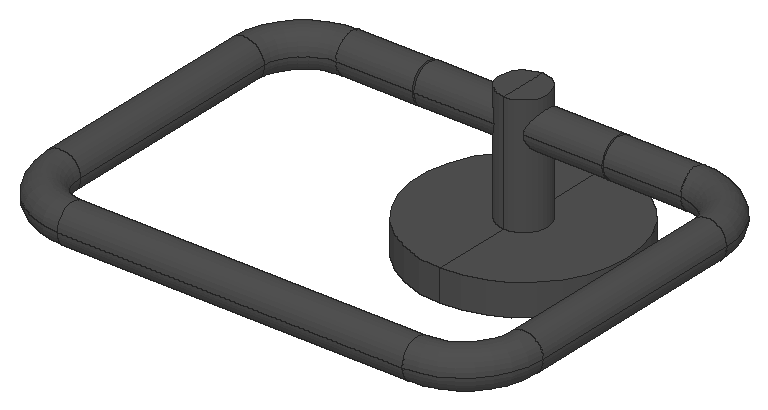
Revit family "Towel Ring-Wall-Caroma Liano Nexus", category Specialty Equipment, host Face, Revit 2013
Parameters (values of type "Standard")
  URL = "http://www.caroma.com.au/"
  Type Comments = "Caroma Liano Nexus Towel Ring"  # constant formula
  ModifiedIssue_ANZRS = 2013.1  # constant formula
  Model = "96122B"  # constant formula
  Material_ANZRS = Metal-Steel-Powdercoated-Matte Black
  Manufacturer = "GWA Bathrooms & Kitchens"  # constant formula
  Length_ANZRS = 144 mm  # constant formula
  Description = ""
  Default Elevation = 900 mm
  CreatedBy_ANZRS = "Design Content"  # constant formula
  CreatedByURL_ANZRS = "www.designcontent.com.au"
  Cost = 0
  Assembly Code = "C1030200"
Reference planes
  plane 1 "Center (Elevation)": y = 0
  plane 2 "Back": z = 0
  plane 3 "Center (Left/Right)": x = 0
  plane 4 "Left": x = -72
  plane 5 "Right": x = 72
  plane 6 "Front": z = 43
  plane 7 "Top": y = 29.966
  plane 8 "Bottom": y = -105.5
Forms (mm)
  Revolve 1, solid, material "Metal-Steel-Powdercoated-Matte Black" <- "Material_ANZRS"
    sketch origin (0, 0, 0) x (0, 1, 0) y (0, 0, 1)
      loop
        line (0, 0) -> (29.966, 0) -> (29.966, 9) -> (6.929, 9) -> (6.929, 43) -> (0, 43) -> (0, 0)
      axis (0, 43) -> (0, 0)
    angle from 0 to 360
  Sweep 2, solid, material "Metal-Steel-Powdercoated-Matte Black" <- "Material_ANZRS"
    path origin (0, 0, 0) x (1, 0, 0) y (0, 1, 0)
      loop
        line (27.5, 0) -> (49.5, 0)
        arc (49.5, 0) -> (61.521, -4.979) -> (66.5, -17) r 17
        line (66.5, -17) -> (66.5, -83)
        arc (66.5, -83) -> (61.521, -95.021) -> (49.5, -100) r 17
        line (49.5, -100) -> (-49.5, -100)
        arc (-49.5, -100) -> (-61.521, -95.021) -> (-66.5, -83) r 17
        line (-66.5, -83) -> (-66.5, -17)
        arc (-66.5, -17) -> (-61.521, -4.979) -> (-49.5, 0) r 17
        line (-49.5, 0) -> (-27.5, 0)
    profile origin (-38.5, 0, 0) x (0, 1, 0) y (0, 0, 1)
      loop
        circle (0, 34) r 5.5
  Revolve 3, solid, material "Metal-Steel-Powdercoated-Matte Black" <- "Material_ANZRS"
    sketch origin (0, 0, 34) x (1, 0, 0) y (0, 1, 0)
      loop
        line (-32.011, 0) -> (32.011, 0) -> (32.011, 4) -> (27.011, 4) -> (27.011, 5.5) -> (-27.011, 5.5) -> (-27.011, 4) -> (-32.011, 4) -> (-32.011, 0)
      axis (32.011, 0) -> (-32.011, 0)
    angle from 0 to 360
Cuts and joins
  joined: Revolve 1, Sweep 2, Revolve 3
Dimensions and locks
  "Length_ANZRS": plane 4 "Left" to plane 5 "Right"
  plane 6 "Front" to level = 43 mm
  plane 4 "Left" to plane 3 "Center (Left/Right)" to plane 5 "Right" = 72 mm, 72 mm
  aligned and locked: plane 2 "Back" to host face
  aligned and locked: level to host face
Automatic sketch dimensions
  host sketch curve to host sketch curve = 2438.4 mm  (x2)
  Sweep 2 sketch curve to profile plane = 0 mm
  level to Sweep 2 sketch curve = 34 mm
  Revolve 1 sketch curve to plane 6 "Front" = 0 mm
  Revolve 1 sketch curve to plane 7 "Top" = 0 mm
  level to Revolve 1 sketch curve = 9 mm
  Revolve 1 sketch curve to plane 1 "Center (Elevation)" = 0 mm  (x2)
  Revolve 1 sketch curve to level = 0 mm
  Revolve 1 sketch curve to plane 1 "Center (Elevation)" = 6.929 mm
  Revolve 1 sketch curve to Revolve 1 sketch curve = 24.096 mm
  Revolve 1 sketch curve to Revolve 1 sketch curve = 7.879 mm
  plane 1 "Center (Elevation)" to Sweep 2 sketch curve = 0 mm  (x2)
  plane 4 "Left" to Sweep 2 sketch curve = 5.5 mm
  Sweep 2 sketch curve to plane 8 "Bottom" = 5.5 mm
  plane 4 "Left" to Sweep 2 sketch curve = 22.5 mm  (x2)
  Sweep 2 sketch curve to plane 5 "Right" = 22.5 mm  (x2)
  Sweep 2 sketch curve to plane 5 "Right" = 5.5 mm
  Sweep 2 sketch curve to Sweep 2 sketch curve = 22 mm  (x2)
  plane 1 "Center (Elevation)" to Revolve 3 sketch curve = 0 mm  (x2)
  Revolve 3 sketch curve to plane 3 "Center (Left/Right)" = 32.011 mm
  Revolve 3 sketch curve to plane 1 "Center (Elevation)" = 4 mm
  Revolve 3 sketch curve to Revolve 3 sketch curve = 5 mm  (x2)
  Revolve 3 sketch curve to plane 1 "Center (Elevation)" = 5.5 mm
  plane 3 "Center (Left/Right)" to Revolve 3 sketch curve = 27.011 mm
  Revolve 3 sketch curve to Revolve 3 sketch curve = 5.634 mm
  Revolve 3 sketch curve to Revolve 3 sketch curve = 0 mm
  Revolve 3 sketch curve to Revolve 3 sketch curve = 1.5 mm
  radius of Sweep 2 sketch curve = 5.5 mm
